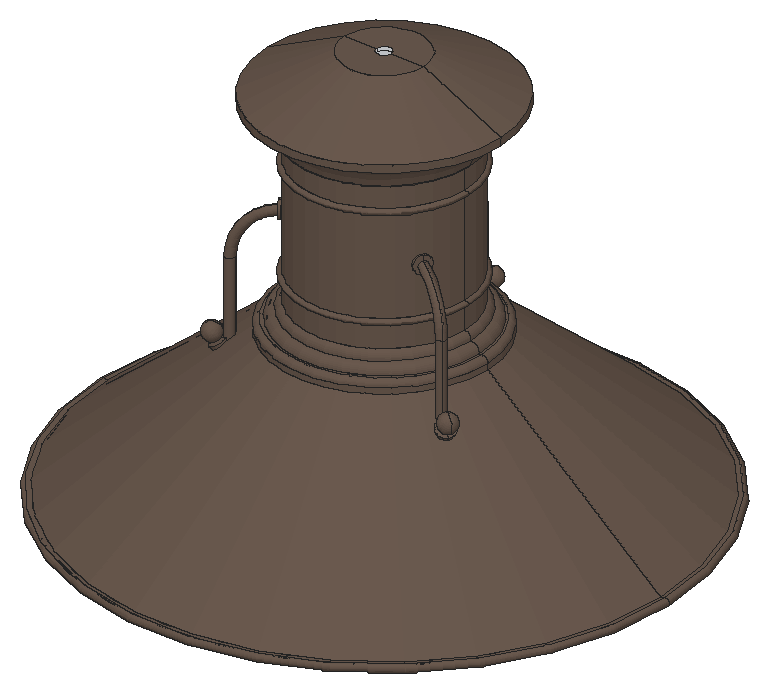
Revit family "MCA20 SHADE", category Lighting Fixtures, Revit 2024
Family settings
  Round Connector Dimension = Use Diameter
  Part Type = Normal
  OmniClass Number = 23.80.70.00
  OmniClass Title = Lighting
  Work Plane-Based = No
  Always vertical = Yes
  Cut with Voids When Loaded = No
  Light Source = Yes
  Maintain Annotation Orientation = No
  Shared = No
  Room Calculation Point = No
Parameters
  Wattage = 12.1178 W
  built-in parameter 1150110 = 1 (stored number, unit not read)
  built-in parameter 1114217 = 1 (stored number, unit not read)
  built-in parameter 1150109 = 1 (stored number, unit not read)
  built-in parameter 1150134 = (empty or 0)
  built-in parameter 1150113 = 1 (stored number, unit not read)
  Lumens = 1800 lm
  built-in parameter 1150115 = 1 (stored number, unit not read)
  built-in parameter 1150105 = 572.96 (stored number, unit not read)
  Light Source Symbol Size = 2' - 0"
  built-in parameter 1150137 = (empty or 0)
  built-in parameter 1150139 = (empty or 0)
  built-in parameter 1150112 = 1 (stored number, unit not read)
  built-in parameter 1150114 = 1 (stored number, unit not read)
  built-in parameter 1150132 = 2
  built-in parameter 1150102 = (empty or 0)
  built-in parameter 1150138 = (empty or 0)
  built-in parameter 1150107 = 3000 (stored number, unit not read)
  built-in parameter 1150106 = 5.7296 (stored number, unit not read)
  built-in parameter 1150104 = 13.8 (stored number, unit not read)
  Dimming Lamp Color Temperature Shift = (empty or 0)
  Default Elevation = 0' - 0"
  Color Filter = 16777215
  built-in parameter 1114218 = 1 (stored number, unit not read)
  built-in parameter 1150133 = 10 (stored number, unit not read)
Reference planes (in)
  plane 1 "Light Source Axis (F/B)": y = 0
  plane 2: z = 0
  plane 3 "Light Source Axis (L/R)": x = 0
  plane 4 "Light Source Elevation": z = 84
Forms (in)
  Revolve 1, solid
    sketch origin (0, 0, 0) x (1, 0, 0) y (0, 0, 1)
      loop
        line (-3.625, 89.24996) -> (-9.72256, 84.25) -> (-9.875, 84.25)
        arc (-9.875, 84.25) -> (-9.97022, 84.04402) -> (-9.75162, 84.10493) r 0.125
        line (-9.75162, 84.10493) -> (-3.53125, 89.2056) -> (-3.53125, 89.44996)
        arc (-3.53125, 89.44996) -> (-3.50013, 89.52509) -> (-3.425, 89.55621) r 0.10625
        line (-3.425, 89.55621) -> (-3.20871, 89.55621)
        arc (-3.20871, 89.55621) -> (-3.20089, 89.75767) -> (-3.025, 89.85621) r 0.20625
        line (-3.025, 89.85621) -> (-2.93115, 89.95007)
        arc (-2.93115, 89.95007) -> (-2.87699, 90.09463) -> (-2.73363, 90.15189) r 0.19092
        line (-2.73363, 90.15189) -> (-2.73363, 90.96715) -> (-2.73363, 94.41311) -> (-2.73363, 95.49224) -> (-2.79841, 95.49224)
        arc (-2.79841, 95.49224) -> (-2.86377, 95.47668) -> (-2.92608, 95.50182) r 0.11064
        arc (-2.92608, 95.50182) -> (-3.32587, 96.14724) -> (-3.98544, 96.52321) r 1.53995
        line (-3.98544, 96.52321) -> (-3.98544, 96.64105) -> (-1.35364, 97.90625) -> (-0.25, 97.90625) -> (-0.25, 98) -> (-1.375, 98) -> (-4.07919, 96.7) -> (-4.07919, 96.45)
        arc (-4.07919, 96.45) -> (-3.40842, 96.09632) -> (-3.00882, 95.45186) r 1.4462
        arc (-3.00882, 95.45186) -> (-2.92656, 95.39538) -> (-2.82738, 95.38457) r 0.20439
        line (-2.82738, 95.38457) -> (-2.82738, 94.64962)
        spline (-2.82738, 94.64962) -> (-2.86775, 94.63099) -> (-2.90078, 94.61249) -> (-2.92647, 94.59412) -> (-2.94482, 94.57587) -> (-2.95583, 94.55776) -> (-2.9595, 94.53978) -> (-2.95583, 94.52192) -> (-2.94482, 94.50419) -> (-2.92647, 94.48659) -> (-2.90078, 94.46912) -> (-2.86775, 94.45178) -> (-2.82738, 94.43457)
        line (-2.82738, 94.43457) -> (-2.82738, 91.1822)
        spline (-2.82738, 91.1822) -> (-2.86775, 91.16357) -> (-2.90078, 91.14507) -> (-2.92647, 91.1267) -> (-2.94482, 91.10846) -> (-2.95583, 91.09034) -> (-2.9595, 91.07236) -> (-2.95583, 91.0545) -> (-2.94482, 91.03677) -> (-2.92647, 91.01917) -> (-2.90078, 91.0017) -> (-2.86775, 90.98436) -> (-2.82738, 90.96715)
        line (-2.82738, 90.96715) -> (-2.82738, 90.2322)
        arc (-2.82738, 90.2322) -> (-2.97373, 90.12437) -> (-3.025, 89.94996) r 0.28467
        arc (-3.025, 89.94996) -> (-3.23713, 89.8621) -> (-3.325, 89.64996) r 0.3
        line (-3.325, 89.64996) -> (-3.425, 89.64996)
        arc (-3.425, 89.64996) -> (-3.56642, 89.59139) -> (-3.625, 89.44996) r 0.2
        line (-3.625, 89.44996) -> (-3.625, 89.24996)
      axis (0, 98) -> (0, 84.10493)
    angle from 0 to 360
  Revolve 2, solid, not visible
    sketch origin (0, 0, 0) x (1, 0, 0) y (0, 0, 1)
      loop
        line (-2.99192, 88.09279) -> (-2.89556, 88.09279) -> (-2.89556, 88.38477) -> (-2.99192, 88.38477) -> (-2.99192, 88.09279)
      axis (-2.89556, 88.09279) -> (-2.99192, 88.09279)
    angle from 0 to 360
  Sweep 3, solid, not visible
    path origin (0, 0, 0) x (1, 0, 0) y (0, 0, 1)
      loop
        arc (-2.97158, 88.08519) -> (-3.96217, 87.55604) -> (-4.35786, 86.505) r 1.59375
        line (-4.35786, 86.505) -> (-4.35786, 85.3018)
    profile origin (-3.96217, 0, 87.55604) x (0.751723, 0, -0.659479) y (0, -1, 0)
      loop
        circle (0, 0) r 0.15625
  Revolve 4, solid, not visible
    sketch origin (0, 0, 0) x (1, 0, 0) y (0, 0, 1)
      loop
        line (-4.84702, 85.01395) -> (-4.61007, 85.21882) -> (-4.67548, 85.29447) -> (-5.07238, 85.7535)
        arc (-5.07238, 85.7535) -> (-5.11657, 85.32649) -> (-4.68956, 85.2823) r 0.30356
        line (-4.68956, 85.2823) -> (-4.91791, 85.08485) -> (-4.84702, 85.01395)
      axis (-4.61007, 85.21882) -> (-5.07238, 85.7535)
    angle from 0 to 360
  Revolve 5, solid
    sketch origin (0, -0.06637, 4.71559) x (0, -1, 0) y (0, 0, 1)
      loop
        line (-2.99192, 88.09279) -> (-2.89556, 88.09279) -> (-2.89556, 88.38477) -> (-2.99192, 88.38477) -> (-2.99192, 88.09279)
      axis (-2.89556, 88.09279) -> (-2.99192, 88.09279)
    angle from 0 to 360
  Sweep 6, solid
    path origin (0, -0.06637, 4.71559) x (0, -1, 0) y (0, 0, 1)
      loop
        arc (-2.97158, 88.08519) -> (-3.96217, 87.55604) -> (-4.35786, 86.505) r 1.59375
        line (-4.35786, 86.505) -> (-4.35786, 83.80878)
    profile origin (0, 3.8958, 92.27164) x (0, -0.751723, -0.659479) y (-1, 0, 0)
      loop
        circle (0, 0) r 0.15625
  Revolve 7, solid
    sketch origin (0, 0, 0) x (0, -1, 0) y (0, 0, 1)
      loop
        line (-4.68813, 88.51151) -> (-4.87637, 88.3567) -> (-4.80307, 88.2834) -> (-4.57791, 88.46859) -> (-4.9523, 89.06141)
        arc (-4.9523, 89.06141) -> (-5.06579, 88.66849) -> (-4.68813, 88.51151) r 0.30698
      axis (-4.9523, 89.06141) -> (-4.5585, 88.43786)
    angle from 0 to 360
  Revolve 8, solid
    sketch origin (-0.05748, 0.03319, 4.71559) x (-0.866025, 0.5, 0) y (0, 0, 1)
      loop
        line (-2.99192, 88.09279) -> (-2.89556, 88.09279) -> (-2.89556, 88.38477) -> (-2.99192, 88.38477) -> (-2.99192, 88.09279)
      axis (-2.89556, 88.09279) -> (-2.99192, 88.09279)
    angle from 0 to 360
  Sweep 9, solid
    path origin (-0.05748, 0.03319, 4.71559) x (-0.866025, 0.5, 0) y (0, 0, 1)
      loop
        arc (-2.97158, 88.08519) -> (-3.96217, 87.55604) -> (-4.35786, 86.505) r 1.59375
        line (-4.35786, 86.505) -> (-4.35786, 83.80878)
    profile origin (3.37386, -1.9479, 92.27164) x (-0.651011, 0.375862, -0.659479) y (0.5, 0.866025, 0)
      loop
        circle (0, 0) r 0.15625
  Revolve 10, solid
    sketch origin (0, 0, 0) x (-0.866025, 0.5, 0) y (0, 0, 1)
      loop
        line (-4.68813, 88.51151) -> (-4.87637, 88.3567) -> (-4.80307, 88.2834) -> (-4.57791, 88.46859) -> (-4.9523, 89.06141)
        arc (-4.9523, 89.06141) -> (-5.06579, 88.66849) -> (-4.68813, 88.51151) r 0.30698
      axis (-4.9523, 89.06141) -> (-4.5585, 88.43786)
    angle from 0 to 360
  Revolve 11, solid
    sketch origin (0.05748, 0.03319, 4.71559) x (0.866025, 0.5, 0) y (0, 0, 1)
      loop
        line (-2.99192, 88.09279) -> (-2.89556, 88.09279) -> (-2.89556, 88.38477) -> (-2.99192, 88.38477) -> (-2.99192, 88.09279)
      axis (-2.89556, 88.09279) -> (-2.99192, 88.09279)
    angle from 0 to 360
  Sweep 12, solid
    path origin (0.05748, 0.03319, 4.71559) x (0.866025, 0.5, 0) y (0, 0, 1)
      loop
        arc (-2.97158, 88.08519) -> (-3.96217, 87.55604) -> (-4.35786, 86.505) r 1.59375
        line (-4.35786, 86.505) -> (-4.35786, 83.80878)
    profile origin (-3.37386, -1.9479, 92.27164) x (0.651011, 0.375862, -0.659479) y (0.5, -0.866025, 0)
      loop
        circle (0, 0) r 0.15625
  Revolve 13, solid
    sketch origin (0, 0, 0) x (0.866025, 0.5, 0) y (0, 0, 1)
      loop
        line (-4.68813, 88.51151) -> (-4.87637, 88.3567) -> (-4.80307, 88.2834) -> (-4.57791, 88.46859) -> (-4.9523, 89.06141)
        arc (-4.9523, 89.06141) -> (-5.06579, 88.66849) -> (-4.68813, 88.51151) r 0.30698
      axis (-4.9523, 89.06141) -> (-4.5585, 88.43786)
    angle from 0 to 360
Dimensions and locks (in)
  aligned and locked: plane 3 "Light Source Axis (L/R)" to imposter light
  aligned and locked: plane 1 "Light Source Axis (F/B)" to imposter light
  aligned and locked: plane 4 "Light Source Elevation" to imposter light
  aligned and locked: level to plane 2
